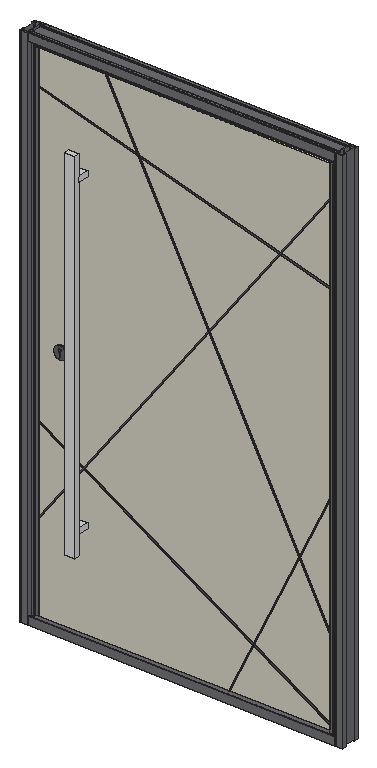
Revit family "YC1321P C2 CHAM RH", category Doors, host Wall, Revit 2024
Family settings
  Host = Wall
  OmniClass Number = 23.30.10.00
  OmniClass Title = Doors
  Always vertical = Yes
  Cut with Voids When Loaded = No
  Shared = No
  Room Calculation Point = No
Parameters
  Function = Interior
  Frame Projection Ext. = 25 mm
  Frame Projection Int. = 25 mm
  Frame Width = 75 mm
  Height = 2120 mm
  Wall Closure = By host
  Width = 1290 mm
  Analytic Construction = "<None>"
Reference planes
  plane 1: y = 0
  plane 2 "Center (Left/Right)": x = 0
  plane 3 "Left": x = -645
  plane 4 "Right": x = 645
  plane 5: z = 2120
  plane 6 "Exterior": y = 75
  plane 7 "Interior": y = -75
  plane 8: z = 33.5
Forms (mm)
  Sweep 1, solid, material "ALUMINIUM CHAR (TEST)"
    path origin (0, 75, 0) x (1, 0, 0) y (0, 0, 1)
      loop
        line (-601.2, 30) -> (-601.2, 2075) -> (600, 2075) -> (600, 30)
    profile origin (-0.6, 75, 2075) x (0, 0, 1) y (0, -1, 0)
      loop
        line (15, 55) -> (2.8, 55) -> (2.8, 61.5) -> (0.5, 61.5) -> (0.5, 88.5) -> (2.8, 88.5) -> (2.8, 95) -> (15, 95) -> (15, 97) -> (-0.5, 97)
        arc (-0.5, 97) -> (-1.207, 96.707) -> (-1.5, 96) r 1
        line (-1.5, 96) -> (-1.5, 93.9) -> (-0.5, 93.9) -> (-0.5, 95) -> (1, 95) -> (1, 90.5) -> (-0.5, 90.5) -> (-0.5, 91.631) -> (-1.5, 91.631) -> (-1.5, 58.369) -> (-0.5, 58.369) -> (-0.5, 59.5) -> (1, 59.5) -> (1, 55) -> (-0.5, 55) -> (-0.5, 56.1) -> (-1.5, 56.1) -> (-1.5, 54)
        arc (-1.5, 54) -> (-1.207, 53.293) -> (-0.5, 53) r 1
        line (-0.5, 53) -> (15, 53) -> (15, 55)
  Extrusion 2, solid, material "ALUMINIUM CHAR (TEST)"
    sketch origin (0, 0, 0) x (0, 1, 0) y (0, 0, 1)
      loop
        line (37.5, 2120) -> (22, 2120) -> (22, 2118.5) -> (24.5, 2118.5) -> (24.5, 2115.5) -> (-24.5, 2115.5) -> (-24.5, 2118.5) -> (-22, 2118.5) -> (-22, 2120) -> (-37.5, 2120) -> (-37.5, 2090) -> (-4.189, 2090) -> (7.651, 2090) -> (37.5, 2090) -> (37.5, 2120)
      loop
        line (32.168, 2118.2) -> (30.896, 2116.928) -> (29.5, 2118.324) -> (28, 2116.824) -> (26.3, 2118.524) -> (26.3, 2115.8)
        arc (26.3, 2115.8) -> (25.685, 2114.315) -> (24.2, 2113.7) r 2.1
        line (24.2, 2113.7) -> (-24.2, 2113.7)
        arc (-24.2, 2113.7) -> (-25.685, 2114.315) -> (-26.3, 2115.8) r 2.1
        line (-26.3, 2115.8) -> (-26.3, 2118.524) -> (-28, 2116.824) -> (-29.5, 2118.324) -> (-30.896, 2116.928) -> (-32.168, 2118.2) -> (-35.6, 2118.2) -> (-35.6, 2091.8) -> (-32.168, 2091.8) -> (-30.896, 2093.072) -> (-29.5, 2091.676) -> (-28, 2093.176) -> (-26.624, 2091.8) -> (-19.438, 2091.8) -> (26.624, 2091.8) -> (28, 2093.176) -> (29.5, 2091.676) -> (30.896, 2093.072) -> (32.168, 2091.8) -> (35.6, 2091.8) -> (35.6, 2118.2) -> (32.168, 2118.2)
      loop
        line (37.5, 0) -> (37.5, 30) -> (7.651, 30) -> (-4.189, 30) -> (-37.5, 30) -> (-37.5, 0) -> (-22, 0) -> (-22, 1.5) -> (-24.5, 1.5) -> (-24.5, 4.5) -> (24.5, 4.5) -> (24.5, 1.5) -> (22, 1.5) -> (22, 0) -> (37.5, 0)
      loop
        line (32.168, 1.8) -> (35.6, 1.8) -> (35.6, 28.2) -> (32.168, 28.2) -> (30.896, 26.928) -> (29.5, 28.324) -> (28, 26.824) -> (26.624, 28.2) -> (-19.438, 28.2) -> (-26.624, 28.2) -> (-28, 26.824) -> (-29.5, 28.324) -> (-30.896, 26.928) -> (-32.168, 28.2) -> (-35.6, 28.2) -> (-35.6, 1.8) -> (-32.168, 1.8) -> (-30.896, 3.072) -> (-29.5, 1.676) -> (-28, 3.176) -> (-26.3, 1.476) -> (-26.3, 4.2)
        arc (-26.3, 4.2) -> (-25.685, 5.685) -> (-24.2, 6.3) r 2.1
        line (-24.2, 6.3) -> (24.2, 6.3)
        arc (24.2, 6.3) -> (25.685, 5.685) -> (26.3, 4.2) r 2.1
        line (26.3, 4.2) -> (26.3, 1.476) -> (28, 3.176) -> (29.5, 1.676) -> (30.896, 3.072) -> (32.168, 1.8)
    from -615 to 615
  Extrusion 3, solid, material "ALUMINIUM CHAR (TEST)"
    sketch origin (0, 0, 30) x (1, 0, 0) y (0, 1, 0)
      loop
        arc (598.5, 21) -> (597.5, 22) -> (596.5, 21) r 1
        line (596.5, 21) -> (596.5, -21.179)
        arc (596.5, -21.179) -> (596.26, -21.76) -> (595.679, -22) r 0.821
        line (595.679, -22) -> (584.5, -22)
        arc (584.5, -22) -> (583.5, -23) -> (584.5, -24) r 1
        line (584.5, -24) -> (597.679, -24)
        arc (597.679, -24) -> (598.26, -23.76) -> (598.5, -23.179) r 0.821
        line (598.5, -23.179) -> (598.5, 21)
      loop
        arc (-599.7, -21) -> (-598.7, -22) -> (-597.7, -21) r 1
        line (-597.7, -21) -> (-597.7, 21.179)
        arc (-597.7, 21.179) -> (-597.459, 21.76) -> (-596.879, 22) r 0.821
        line (-596.879, 22) -> (-585.7, 22)
        arc (-585.7, 22) -> (-584.7, 23) -> (-585.7, 24) r 1
        line (-585.7, 24) -> (-598.879, 24)
        arc (-598.879, 24) -> (-599.459, 23.76) -> (-599.7, 23.179) r 0.821
        line (-599.7, 23.179) -> (-599.7, -21)
    from 0 to 2043.5
  Extrusion 4, solid, material "ALUMINIUM CHAR (TEST)"
    sketch origin (-25, 22, 130) x (1, 0, 0) y (0, 0, 1)
      loop
        line (620, 1939) -> (608, 1939) -> (608, -94) -> (620, -94) -> (620, 1939)
      loop
        line (-570, 1939) -> (-570, -94) -> (-558, -94) -> (-558, 1939) -> (-570, 1939)
    from 0 to 44
  Extrusion 5, solid, material "ALUMINIUM (CHAMPAGNE TEST)"
    sketch origin (-25, 22, 130) x (1, 0, 0) y (0, 0, 1)
      loop
        line (608, 1939) -> (-558, 1939) -> (-558, -94) -> (608, -94) -> (608, 1939)
    from 0 to 4
  Extrusion 6, solid, material "ALUMINIUM BLACK (TEST)"
    sketch origin (-25, 22.873, 130) x (1, 0, 0) y (0, 0, 1)
      loop
        line (608, 250.74) -> (608, 259.26) -> (-285.134, 1939) -> (-289.664, 1939) -> (608, 250.74)
    from 0 to 0.873
  Extrusion 7, solid, material "ALUMINIUM BLACK (TEST)"
    sketch origin (1203.467, 22.873, 1667.12) x (-0.422618, 0, 0.906308) y (-0.906308, 0, -0.422618)
      loop
        line (501.698, 450.664) -> (507.722, 447.855) -> (-401.866, 2158.542) -> (-407.89, 2161.351) -> (501.698, 450.664)
    from 0 to 0.873
  Extrusion 8, solid, material "ALUMINIUM BLACK (TEST)"
    sketch origin (557.966, 22.873, -684.637) x (0.848048, 0, 0.529919) y (-0.529919, 0, 0.848048)
      loop
        line (414.087, 615.437) -> (416.535, 619.354) -> (-215.553, 1808.137) -> (-218, 1804.221) -> (414.087, 615.437)
    from 0 to 0.873
  Extrusion 9, solid, material "ALUMINIUM BLACK (TEST)"
    sketch origin (-648.998, 22.873, -166.515) x (0.587785, 0, -0.809017) y (0.809017, 0, 0.587785)
      loop
        line (322.274, 788.112) -> (324.89, 791.712) -> (-104.049, 1598.429) -> (-111.431, 1603.792) -> (322.274, 788.112)
    from 0 to 0.873
  Extrusion 10, solid, material "ALUMINIUM (CHAMPAGNE TEST)"
    sketch origin (-25, -22, 130) x (1, 0, 0) y (0, 0, -1)
      loop
        line (608, -1939) -> (608, 94) -> (-558, 94) -> (-558, -1939) -> (608, -1939)
    from 0 to 4
  Extrusion 11, solid, material "ALUMINIUM BLACK (TEST)"
    sketch origin (-25, -22.873, 130) x (1, 0, 0) y (0, 0, -1)
      loop
        line (608, -250.74) -> (-289.664, -1939) -> (-285.134, -1939) -> (608, -259.26) -> (608, -250.74)
    from 0 to 0.873
  Extrusion 12, solid, material "ALUMINIUM BLACK (TEST)"
    sketch origin (1203.467, -22.873, 1667.12) x (-0.422618, 0, 0.906308) y (0.906308, 0, 0.422618)
      loop
        line (501.698, -450.664) -> (-407.89, -2161.351) -> (-401.866, -2158.542) -> (507.722, -447.855) -> (501.698, -450.664)
    from 0 to 0.873
  Extrusion 13, solid, material "ALUMINIUM BLACK (TEST)"
    sketch origin (557.966, -22.873, -684.637) x (0.848048, 0, 0.529919) y (0.529919, 0, -0.848048)
      loop
        line (414.087, -615.437) -> (-218, -1804.221) -> (-215.553, -1808.137) -> (416.535, -619.354) -> (414.087, -615.437)
    from 0 to 0.873
  Extrusion 14, solid, material "ALUMINIUM BLACK (TEST)"
    sketch origin (-648.998, -22.873, -166.515) x (0.587785, 0, -0.809017) y (-0.809017, 0, -0.587785)
      loop
        line (322.274, -788.112) -> (-111.431, -1603.792) -> (-104.049, -1598.429) -> (324.89, -791.712) -> (322.274, -788.112)
    from 0 to 0.873
  Extrusion 15, solid, material "ALUMINIUM BLACK (TEST)"
    sketch origin (885.466, 22.873, 859.37) x (0.681998, 0, 0.731354) y (-0.731354, 0, 0.681998)
      loop
        line (348.584, 738.63) -> (351.613, 741.454) -> (-215.101, 1807.289) -> (-218.13, 1804.465) -> (348.584, 738.63)
    from 0 to 0.873
  Extrusion 16, solid, material "ALUMINIUM BLACK (TEST)"
    sketch origin (405.722, 27.873, -123.123) x (1, 0, 0) y (0, 0, 1)
      loop
        circle (-896.954, 1135.623) r 25
    from 0 to 5
  Extrusion 17, solid, material "ALUMINIUM BLACK (TEST)"
    sketch origin (405.722, -27.873, -123.123) x (1, 0, 0) y (0, 0, -1)
      loop
        circle (-896.954, -1135.623) r 25
    from 0 to 5
  Extrusion 18, solid, material "Stainless Steel Lever Handle"
    sketch origin (-1264.348, 72.873, -21.123) x (-1, 0, 0) y (0, 0, -1)
      loop
        line (-878.538, -1720) -> (-838.538, -1720) -> (-838.538, -1700) -> (-878.538, -1700) -> (-878.538, -1720)
      loop
        line (-878.538, -440) -> (-878.538, -460) -> (-838.538, -460) -> (-838.538, -440) -> (-878.538, -440)
    from 5 to 50
  Extrusion 19, solid, material "Stainless Steel Lever Handle"
    sketch origin (14.789, 87.873, 223.877) x (1, 0, 0) y (0, 0, 1)
      loop
        line (-400.6, 115) -> (-400.6, 1555) -> (-440.6, 1555) -> (-440.6, 115) -> (-400.6, 115)
    from 0 to 20
  Extrusion 20, solid, material "Stainless Steel Lever Handle"
    sketch origin (-1264.348, -72.873, -21.123) x (-1, 0, 0) y (0, 0, 1)
      loop
        line (-878.538, 1720) -> (-878.538, 1700) -> (-838.538, 1700) -> (-838.538, 1720) -> (-878.538, 1720)
      loop
        line (-878.538, 440) -> (-838.538, 440) -> (-838.538, 460) -> (-878.538, 460) -> (-878.538, 440)
    from 5 to 50
  Extrusion 21, solid, material "Stainless Steel Lever Handle"
    sketch origin (14.789, -87.873, 223.877) x (1, 0, 0) y (0, 0, -1)
      loop
        line (-400.6, -115) -> (-440.6, -115) -> (-440.6, -1555) -> (-400.6, -1555) -> (-400.6, -115)
    from 0 to 20
  Extrusion 22, void
    sketch origin (140.5, 67.873, -123.123) x (1, 0, 0) y (0, 0, 1)
      loop
        arc (-634.732, 1122.18) -> (-631.732, 1119.18) -> (-628.732, 1122.18) r 3
        line (-628.732, 1122.18) -> (-628.732, 1136.773)
        arc (-628.732, 1136.773) -> (-631.732, 1150.865) -> (-634.732, 1136.773) r 7.365
        line (-634.732, 1136.773) -> (-634.732, 1122.18)
    from 40 to 45
  Extrusion 23, solid, material "ALUMINIUM BLACK (TEST)"
    sketch origin (885.466, -22.873, 859.37) x (0.681998, 0, 0.731354) y (0.731354, 0, -0.681998)
      loop
        line (348.584, -738.63) -> (-218.13, -1804.465) -> (-215.101, -1807.289) -> (351.613, -741.454) -> (348.584, -738.63)
    from 0 to 0.873
  Extrusion 24, void
    sketch origin (140.5, -67.873, -123.123) x (1, 0, 0) y (0, 0, -1)
      loop
        line (-634.732, -1122.18) -> (-634.732, -1136.773)
        arc (-634.732, -1136.773) -> (-631.732, -1150.865) -> (-628.732, -1136.773) r 7.365
        line (-628.732, -1136.773) -> (-628.732, -1122.18)
        arc (-628.732, -1122.18) -> (-631.732, -1119.18) -> (-634.732, -1122.18) r 3
    from 40 to 45
  Extrusion 25, solid, material "ALUMINIUM CHAR (TEST)"
    sketch origin (0, 0, 0) x (1, 0, 0) y (0, 1, 0)
      loop
        line (-645, 37.5) -> (-645, 22) -> (-643.5, 22) -> (-643.5, 24.5) -> (-640.5, 24.5) -> (-640.5, -24.5) -> (-643.5, -24.5) -> (-643.5, -22) -> (-645, -22) -> (-645, -37.5) -> (-615, -37.5) -> (-615, -17) -> (-615.993, -17) -> (-616.394, -18.496) -> (-617.6, -18.496) -> (-617.6, -0.254) -> (-616.306, -0.254) -> (-616.066, -3) -> (-615, -3) -> (-615, 37.5) -> (-645, 37.5)
      loop
        line (-616.8, 26.624) -> (-618.176, 28) -> (-616.676, 29.5) -> (-618.072, 30.896) -> (-616.8, 32.168) -> (-616.8, 35.6) -> (-643.2, 35.6) -> (-643.2, 32.168) -> (-641.928, 30.896) -> (-643.324, 29.5) -> (-641.824, 28) -> (-643.524, 26.3) -> (-640.8, 26.3)
        arc (-640.8, 26.3) -> (-639.315, 25.685) -> (-638.7, 24.2) r 2.1
        line (-638.7, 24.2) -> (-638.7, -24.2)
        arc (-638.7, -24.2) -> (-639.315, -25.685) -> (-640.8, -26.3) r 2.1
        line (-640.8, -26.3) -> (-643.524, -26.3) -> (-641.824, -28) -> (-643.324, -29.5) -> (-641.928, -30.896) -> (-643.2, -32.168) -> (-643.2, -35.6) -> (-616.8, -35.6) -> (-616.8, -32.168) -> (-618.072, -30.896) -> (-616.676, -29.5) -> (-618.176, -28) -> (-616.8, -26.624) -> (-616.8, -20.239)
        arc (-616.8, -20.239) -> (-618.596, -19.852) -> (-619.4, -18.2) r 2.1
        line (-619.4, -18.2) -> (-619.4, -0.55)
        arc (-619.4, -0.55) -> (-618.596, 1.102) -> (-616.8, 1.49) r 2.1
        line (-616.8, 1.49) -> (-616.8, 26.624)
      loop
        line (645, 37.5) -> (615, 37.5) -> (615, -3) -> (616.066, -3) -> (616.306, -0.254) -> (617.6, -0.254) -> (617.6, -18.496) -> (616.394, -18.496) -> (615.993, -17) -> (615, -17) -> (615, -37.5) -> (645, -37.5) -> (645, -22) -> (643.5, -22) -> (643.5, -24.5) -> (640.5, -24.5) -> (640.5, 24.5) -> (643.5, 24.5) -> (643.5, 22) -> (645, 22) -> (645, 37.5)
      loop
        line (616.8, 26.624) -> (616.8, 1.49)
        arc (616.8, 1.49) -> (618.596, 1.102) -> (619.4, -0.55) r 2.1
        line (619.4, -0.55) -> (619.4, -18.2)
        arc (619.4, -18.2) -> (618.596, -19.852) -> (616.8, -20.239) r 2.1
        line (616.8, -20.239) -> (616.8, -26.624) -> (618.176, -28) -> (616.676, -29.5) -> (618.072, -30.896) -> (616.8, -32.168) -> (616.8, -35.6) -> (643.2, -35.6) -> (643.2, -32.168) -> (641.928, -30.896) -> (643.324, -29.5) -> (641.824, -28) -> (643.524, -26.3) -> (640.8, -26.3)
        arc (640.8, -26.3) -> (639.315, -25.685) -> (638.7, -24.2) r 2.1
        line (638.7, -24.2) -> (638.7, 24.2)
        arc (638.7, 24.2) -> (639.315, 25.685) -> (640.8, 26.3) r 2.1
        line (640.8, 26.3) -> (643.524, 26.3) -> (641.824, 28) -> (643.324, 29.5) -> (641.928, 30.896) -> (643.2, 32.168) -> (643.2, 35.6) -> (616.8, 35.6) -> (616.8, 32.168) -> (618.072, 30.896) -> (616.676, 29.5) -> (618.176, 28) -> (616.8, 26.624)
    from 0 to 2120
Cuts and joins
  Extrusion 22 cuts Extrusion 16
  Extrusion 24 cuts Extrusion 17
Lines and regions (mm)
  Opening 1
    outline origin (-5000, -75, 0) x (1, 0, 0) y (0, 0, 1)
      loop
        line (4355, 0) -> (5645, 0) -> (5645, 2120) -> (4355, 2120) -> (4355, 0)
  model lines
    curve 1: line (-602.851, 22.5, 0) -> (602.851, 22.5, 0)
    curve 2: line (-603, -13, 0) -> (603, -13, 0)
    curve 8: line (300, -22.5, 0) -> (300, -925.5, 0)
    curve 9: arc (-603, -22.5, 0) -> (-338.517, -661.017, 0) -> (300, -925.5, 0) r 903
    curve 10: line (300, 13, 0) -> (300, 316, 0)
    curve 11: arc (300, 316, 0) -> (514.253, 227.253, 0) -> (603, 13, 0) r 303
  symbolic lines, style "Elevation Swing"
    curve 3: line (-645, -75, 1060) -> (300, -75, 2078)
    curve 4: line (-645, -75, 1060) -> (300, -75, 0)
    curve 5: line (603, -75, 1045) -> (300, -75, 2078)
    curve 6: line (603, -75, 1045) -> (300, -75, 0)
  model lines, style "Elevation Swing"
    curve 7: line (300, 0, 0) -> (300, 0, 2078)
Text (mm)
  text "Exterior" at (-2295.016, 1099.543, 0), in view "Ref. Level"
  text "Exterior" at (0, 1615.38, 3698.081), in view "Left"
  text "Exterior" at (0, 1036.032, 3874.932), in view "Right"
Dimensions and locks
  equal spacing: plane 3 "Left", plane 2 "Center (Left/Right)", plane 4 "Right"
  "Width": plane 3 "Left" to plane 4 "Right"
  "Height": plane 5 to host wall
  host wall to plane 5 = 2120 mm  (x2)
  locked: plane 6 "Exterior" to host wall
  locked: plane 7 "Interior" to host wall
  plane 3 "Left" to plane 4 "Right" = 1290 mm  (x2)
  aligned and locked: plane 1 to host wall
  aligned and locked: Opening 1 sketch curve to level
Automatic sketch dimensions
  curve 7 to level = 0 mm
  plane 5 to curve 7 = 42 mm
  plane 2 "Center (Left/Right)" to curve 7 = 300 mm
  plane 3 "Left" to curve 4 = 0 mm
  curve 4 to level = 0 mm
  plane 2 "Center (Left/Right)" to curve 4 = 300 mm
  plane 5 to curve 5 = 42 mm
  plane 2 "Center (Left/Right)" to curve 5 = 300 mm
  plane 4 "Right" to curve 6 = 42 mm
  plane 8 to curve 5 = 1011.5 mm
  plane 8 to curve 4 = 1026.5 mm
  plane 2 "Center (Left/Right)" to curve 8 = 300 mm
  curve 11 to host wall = 13 mm
  curve 11 to curve 8 = 0 mm
  host wall to curve 9 = 22.5 mm
  host wall to curve 8 = 850.5 mm
  host wall to curve 10 = 241 mm
  curve 1 to plane 3 "Left" = 42.149 mm
  curve 2 to curve 9 = 0 mm
  curve 1 to curve 11 = 0.149 mm
  curve 2 to curve 11 = 0 mm
  host wall to curve 2 = 13 mm
  curve 8 to curve 9 = 0 mm
  curve 10 to curve 11 = 0 mm
  plane 3 "Left" to Opening 1 sketch curve = 0 mm
  plane 4 "Right" to Opening 1 sketch curve = 0 mm
  Opening 1 sketch curve to plane 5 = 0 mm
  Sweep 1 sketch curve to plane 3 "Left" = 43.8 mm
  plane 4 "Right" to Sweep 1 sketch curve = 45 mm
  plane 5 to Sweep 1 sketch curve = 45 mm
  Sweep 1 sketch curve to plane 8 = 3.5 mm  (x2)
  profile plane to Sweep 1 sketch curve = 1.5 mm  (x3)
  profile plane to Sweep 1 sketch curve = 0.5 mm  (x6)
  Sweep 1 sketch curve to profile plane = 0.5 mm
  Sweep 1 sketch curve to profile plane = 1 mm  (x2)
  Sweep 1 sketch curve to Sweep 1 sketch curve = 1.8 mm
  Sweep 1 sketch curve to Sweep 1 sketch curve = 2.3 mm
  Sweep 1 sketch curve to Sweep 1 sketch curve = 12.2 mm  (x2)
  profile plane to Sweep 1 sketch curve = 53 mm
  Sweep 1 sketch curve to Sweep 1 sketch curve = 1 mm  (x3)
  Sweep 1 sketch curve to Sweep 1 sketch curve = 1.1 mm  (x2)
  Sweep 1 sketch curve to Sweep 1 sketch curve = 2.269 mm  (x2)
  Sweep 1 sketch curve to Sweep 1 sketch curve = 1.131 mm  (x2)
  Sweep 1 sketch curve to Sweep 1 sketch curve = 2 mm  (x2)
  Sweep 1 sketch curve to Sweep 1 sketch curve = 27 mm
  Sweep 1 sketch curve to Sweep 1 sketch curve = 6.5 mm
  Extrusion 2 sketch curve to level = 0 mm  (x2)
  plane 5 to Extrusion 2 sketch curve = 0 mm  (x2)
  host wall to Extrusion 2 sketch curve = 37.5 mm  (x2)
  Extrusion 2 sketch curve to plane 8 = 3.5 mm
  Extrusion 2 sketch curve to Extrusion 2 sketch curve = 1.9 mm  (x4)
  Extrusion 2 sketch curve to Extrusion 2 sketch curve = 3.432 mm  (x6)
  Extrusion 2 sketch curve to plane 8 = 5.3 mm  (x2)
  plane 5 to Extrusion 2 sketch curve = 3.072 mm  (x2)
  Extrusion 2 sketch curve to Extrusion 2 sketch curve = 1.272 mm  (x11)
  Extrusion 2 sketch curve to plane 8 = 6.572 mm  (x2)
  level to Extrusion 2 sketch curve = 3.072 mm  (x2)
  Extrusion 2 sketch curve to Extrusion 2 sketch curve = 1.396 mm  (x7)
  Extrusion 2 sketch curve to plane 8 = 5.176 mm  (x2)
  plane 5 to Extrusion 2 sketch curve = 1.676 mm  (x2)
  level to Extrusion 2 sketch curve = 1.676 mm  (x2)
  plane 5 to Extrusion 2 sketch curve = 3.176 mm  (x2)
  Extrusion 2 sketch curve to Extrusion 2 sketch curve = 1.5 mm  (x4)
  level to Extrusion 2 sketch curve = 3.176 mm  (x2)
  Extrusion 2 sketch curve to plane 8 = 6.676 mm  (x2)
  Extrusion 2 sketch curve to Extrusion 2 sketch curve = 1.376 mm  (x4)
  Extrusion 2 sketch curve to Extrusion 2 sketch curve = 1.7 mm  (x4)
  Extrusion 2 sketch curve to Extrusion 2 sketch curve = 1.8 mm  (x4)
  Extrusion 2 sketch curve to Extrusion 2 sketch curve = 0.3 mm  (x6)
  Extrusion 2 sketch curve to Extrusion 2 sketch curve = 2.5 mm  (x2)
  Extrusion 2 sketch curve to Extrusion 2 sketch curve = 7.186 mm  (x2)
  host wall to Extrusion 2 sketch curve = 4.189 mm  (x2)
  Extrusion 2 sketch curve to host wall = 7.651 mm  (x2)
  level to Extrusion 2 sketch curve = 1.5 mm  (x2)
  Extrusion 2 sketch curve to host wall = 22 mm  (x2)
  Extrusion 2 sketch curve to Extrusion 2 sketch curve = 2.2 mm  (x2)
  plane 5 to Extrusion 2 sketch curve = 1.476 mm
  level to Extrusion 2 sketch curve = 1.476 mm
  Extrusion 2 sketch curve to Extrusion 2 sketch curve = 18.973 mm  (x2)
  Extrusion 2 sketch curve to Extrusion 2 sketch curve = 1.024 mm
  Extrusion 2 sketch curve to Extrusion 2 sketch curve = 26.928 mm
  Extrusion 2 sketch curve to Extrusion 2 sketch curve = 1.676 mm  (x2)
  Extrusion 2 sketch curve to Extrusion 2 sketch curve = 0.124 mm  (x2)
  Extrusion 2 sketch curve to Extrusion 2 sketch curve = 3.124 mm
  plane 5 to Extrusion 2 sketch curve = 1.5 mm  (x2)
  Extrusion 3 sketch curve to plane 3 "Left" = 45.3 mm
  Extrusion 3 sketch curve to Extrusion 3 sketch curve = 0.821 mm  (x4)
  Extrusion 3 sketch curve to Extrusion 3 sketch curve = 1 mm  (x4)
  Extrusion 3 sketch curve to Extrusion 3 sketch curve = 11.179 mm  (x2)
  host wall to Extrusion 3 sketch curve = 24 mm
  plane 4 "Right" to Extrusion 3 sketch curve = 60.5 mm
  host wall to Extrusion 3 sketch curve = 21 mm
  Extrusion 3 sketch curve to host wall = 21 mm
  Extrusion 3 sketch curve to host wall = 21.179 mm
  Extrusion 4 sketch curve to plane 3 "Left" = 50 mm
  plane 8 to Extrusion 4 sketch curve = 2.5 mm  (x2)
  Extrusion 4 sketch curve to Extrusion 4 sketch curve = 12 mm  (x2)
  plane 4 "Right" to Extrusion 4 sketch curve = 62 mm
  plane 5 to Extrusion 4 sketch curve = 51 mm  (x2)
  Extrusion 5 sketch curve to plane 3 "Left" = 62 mm
  plane 8 to Extrusion 5 sketch curve = 2.5 mm
  plane 4 "Right" to Extrusion 5 sketch curve = 62 mm
  plane 5 to Extrusion 5 sketch curve = 51 mm
  plane 5 to Extrusion 6 sketch curve = 51 mm
  Extrusion 6 sketch curve to plane 2 "Center (Left/Right)" = 314.664 mm
  Extrusion 6 sketch curve to Extrusion 6 sketch curve = 4.53 mm
  plane 4 "Right" to Extrusion 6 sketch curve = 62 mm
  plane 8 to Extrusion 6 sketch curve = 355.76 mm
  Extrusion 6 sketch curve to Extrusion 6 sketch curve = 8.52 mm
  Extrusion 7 sketch curve to plane 3 "Left" = 62 mm
  plane 8 to Extrusion 7 sketch curve = 350.52 mm
  Extrusion 7 sketch curve to Extrusion 7 sketch curve = 6.024 mm  (x2)
  Extrusion 7 sketch curve to Extrusion 7 sketch curve = 903.564 mm
  Extrusion 7 sketch curve to Extrusion 7 sketch curve = 2.809 mm  (x2)
  Extrusion 7 sketch curve to Extrusion 7 sketch curve = 1707.878 mm
  Extrusion 8 sketch curve to plane 3 "Left" = 62 mm
  plane 8 to Extrusion 8 sketch curve = 696.406 mm
  Extrusion 8 sketch curve to Extrusion 8 sketch curve = 2.448 mm  (x2)
  Extrusion 8 sketch curve to Extrusion 8 sketch curve = 632.088 mm
  Extrusion 8 sketch curve to Extrusion 8 sketch curve = 1184.867 mm
  Extrusion 8 sketch curve to Extrusion 8 sketch curve = 3.917 mm  (x2)
  plane 4 "Right" to Extrusion 9 sketch curve = 62 mm
  plane 8 to Extrusion 9 sketch curve = 832.82 mm
  Extrusion 9 sketch curve to Extrusion 9 sketch curve = 7.382 mm
  Extrusion 9 sketch curve to Extrusion 9 sketch curve = 426.323 mm
  Extrusion 9 sketch curve to Extrusion 9 sketch curve = 2.616 mm
  Extrusion 9 sketch curve to Extrusion 9 sketch curve = 5.363 mm
  Extrusion 9 sketch curve to Extrusion 9 sketch curve = 806.717 mm
  Extrusion 9 sketch curve to Extrusion 9 sketch curve = 3.6 mm
  Extrusion 10 sketch curve to plane 3 "Left" = 62 mm
  plane 8 to Extrusion 10 sketch curve = 2.5 mm
  plane 4 "Right" to Extrusion 10 sketch curve = 62 mm
  plane 5 to Extrusion 10 sketch curve = 51 mm
  plane 5 to Extrusion 11 sketch curve = 51 mm
  Extrusion 11 sketch curve to plane 2 "Center (Left/Right)" = 314.664 mm
  Extrusion 11 sketch curve to Extrusion 11 sketch curve = 4.53 mm
  plane 4 "Right" to Extrusion 11 sketch curve = 62 mm
  plane 8 to Extrusion 11 sketch curve = 355.76 mm
  Extrusion 11 sketch curve to Extrusion 11 sketch curve = 8.52 mm
  Extrusion 12 sketch curve to plane 3 "Left" = 62 mm
  plane 8 to Extrusion 12 sketch curve = 350.52 mm
  Extrusion 12 sketch curve to Extrusion 12 sketch curve = 6.024 mm  (x2)
  Extrusion 12 sketch curve to Extrusion 12 sketch curve = 903.564 mm
  Extrusion 12 sketch curve to Extrusion 12 sketch curve = 2.809 mm  (x2)
  Extrusion 12 sketch curve to Extrusion 12 sketch curve = 1707.878 mm
  Extrusion 13 sketch curve to plane 3 "Left" = 62 mm
  plane 8 to Extrusion 13 sketch curve = 696.406 mm
  Extrusion 13 sketch curve to Extrusion 13 sketch curve = 2.448 mm  (x2)
  Extrusion 13 sketch curve to Extrusion 13 sketch curve = 632.088 mm
  Extrusion 13 sketch curve to Extrusion 13 sketch curve = 3.917 mm  (x2)
  Extrusion 13 sketch curve to Extrusion 13 sketch curve = 1184.867 mm
  plane 4 "Right" to Extrusion 14 sketch curve = 62 mm
  plane 8 to Extrusion 14 sketch curve = 832.82 mm
  Extrusion 14 sketch curve to Extrusion 14 sketch curve = 7.382 mm
  Extrusion 14 sketch curve to Extrusion 14 sketch curve = 426.323 mm
  Extrusion 14 sketch curve to Extrusion 14 sketch curve = 2.616 mm
  Extrusion 14 sketch curve to Extrusion 14 sketch curve = 5.363 mm
  Extrusion 14 sketch curve to Extrusion 14 sketch curve = 806.717 mm
  Extrusion 14 sketch curve to Extrusion 14 sketch curve = 3.6 mm
  Extrusion 15 sketch curve to plane 3 "Left" = 62 mm
  plane 5 to Extrusion 15 sketch curve = 189.518 mm
  Extrusion 15 sketch curve to Extrusion 15 sketch curve = 3.029 mm  (x2)
  Extrusion 15 sketch curve to Extrusion 15 sketch curve = 566.714 mm
  Extrusion 15 sketch curve to Extrusion 15 sketch curve = 1063.01 mm
  Extrusion 15 sketch curve to Extrusion 15 sketch curve = 2.824 mm  (x2)
  Extrusion 16 sketch curve to plane 3 "Left" = 153.768 mm
  plane 8 to Extrusion 16 sketch curve = 979 mm
  Extrusion 17 sketch curve to plane 3 "Left" = 153.768 mm
  plane 8 to Extrusion 17 sketch curve = 979 mm
  Extrusion 18 sketch curve to plane 3 "Left" = 259.19 mm  (x2)
  Extrusion 18 sketch curve to Extrusion 18 sketch curve = 40 mm  (x2)
  plane 5 to Extrusion 18 sketch curve = 421.123 mm
  Extrusion 18 sketch curve to Extrusion 18 sketch curve = 20 mm  (x2)
  plane 8 to Extrusion 18 sketch curve = 405.377 mm
  Extrusion 19 sketch curve to plane 3 "Left" = 219.19 mm
  Extrusion 19 sketch curve to Extrusion 19 sketch curve = 40 mm
  plane 8 to Extrusion 19 sketch curve = 305.377 mm
  plane 5 to Extrusion 19 sketch curve = 341.123 mm
  Extrusion 20 sketch curve to plane 3 "Left" = 259.19 mm  (x2)
  Extrusion 20 sketch curve to Extrusion 20 sketch curve = 40 mm  (x2)
  plane 8 to Extrusion 20 sketch curve = 385.377 mm
  Extrusion 20 sketch curve to Extrusion 20 sketch curve = 20 mm  (x2)
  plane 5 to Extrusion 20 sketch curve = 441.123 mm
  Extrusion 21 sketch curve to plane 3 "Left" = 219.19 mm
  Extrusion 21 sketch curve to Extrusion 21 sketch curve = 40 mm
  plane 5 to Extrusion 21 sketch curve = 341.123 mm
  plane 8 to Extrusion 21 sketch curve = 305.377 mm
  Extrusion 22 sketch curve to plane 3 "Left" = 150.768 mm
  Extrusion 22 sketch curve to Extrusion 22 sketch curve = 3 mm  (x2)
  plane 8 to Extrusion 22 sketch curve = 965.558 mm
  Extrusion 22 sketch curve to Extrusion 22 sketch curve = 14.593 mm
  Extrusion 22 sketch curve to Extrusion 22 sketch curve = 6.726 mm
  Extrusion 23 sketch curve to plane 3 "Left" = 62 mm
  plane 5 to Extrusion 23 sketch curve = 189.518 mm
  Extrusion 23 sketch curve to Extrusion 23 sketch curve = 3.029 mm  (x2)
  Extrusion 23 sketch curve to Extrusion 23 sketch curve = 566.714 mm
  Extrusion 23 sketch curve to Extrusion 23 sketch curve = 2.824 mm  (x2)
  Extrusion 23 sketch curve to Extrusion 23 sketch curve = 1063.01 mm
  Extrusion 24 sketch curve to plane 3 "Left" = 150.768 mm
  Extrusion 24 sketch curve to Extrusion 24 sketch curve = 3 mm  (x2)
  plane 8 to Extrusion 24 sketch curve = 986.877 mm
  Extrusion 24 sketch curve to Extrusion 24 sketch curve = 6.726 mm
  Extrusion 24 sketch curve to Extrusion 24 sketch curve = 14.593 mm
  Extrusion 25 sketch curve to plane 3 "Left" = 0 mm  (x2)
  Extrusion 25 sketch curve to plane 4 "Right" = 0 mm  (x2)
  Extrusion 25 sketch curve to plane 3 "Left" = 1.476 mm  (x2)
  Extrusion 25 sketch curve to plane 3 "Left" = 1.5 mm  (x2)
  Extrusion 25 sketch curve to plane 3 "Left" = 1.676 mm  (x2)
  Extrusion 25 sketch curve to plane 3 "Left" = 1.8 mm  (x2)
  Extrusion 25 sketch curve to Extrusion 25 sketch curve = 1.272 mm  (x12)
  Extrusion 25 sketch curve to Extrusion 25 sketch curve = 1.5 mm  (x4)
  Extrusion 25 sketch curve to Extrusion 25 sketch curve = 1.024 mm  (x4)
  Extrusion 25 sketch curve to Extrusion 25 sketch curve = 0.3 mm  (x8)
  Extrusion 25 sketch curve to Extrusion 25 sketch curve = 1.8 mm  (x8)
  host wall to Extrusion 25 sketch curve = 0.55 mm  (x2)
  Extrusion 25 sketch curve to plane 3 "Left" = 25.6 mm
  Extrusion 25 sketch curve to Extrusion 25 sketch curve = 20.524 mm
  Extrusion 25 sketch curve to Extrusion 25 sketch curve = 1.224 mm
  Extrusion 25 sketch curve to Extrusion 25 sketch curve = 0.104 mm  (x4)
  Extrusion 25 sketch curve to Extrusion 25 sketch curve = 1.376 mm  (x8)
  Extrusion 25 sketch curve to Extrusion 25 sketch curve = 1.396 mm  (x6)
  Extrusion 25 sketch curve to Extrusion 25 sketch curve = 0.906 mm  (x2)
  host wall to Extrusion 25 sketch curve = 0.254 mm  (x2)
  Extrusion 25 sketch curve to Extrusion 25 sketch curve = 0.994 mm  (x2)
  Extrusion 25 sketch curve to Extrusion 25 sketch curve = 1.234 mm
  Extrusion 25 sketch curve to Extrusion 25 sketch curve = 0.401 mm  (x2)
  Extrusion 25 sketch curve to Extrusion 25 sketch curve = 30 mm
  Extrusion 25 sketch curve to Extrusion 25 sketch curve = 0 mm
  Extrusion 25 sketch curve to Extrusion 25 sketch curve = 0.993 mm
  Extrusion 25 sketch curve to Extrusion 25 sketch curve = 1.066 mm
  Extrusion 25 sketch curve to Extrusion 25 sketch curve = 0.24 mm
  Extrusion 25 sketch curve to Extrusion 25 sketch curve = 1.676 mm  (x2)
  Extrusion 25 sketch curve to Extrusion 25 sketch curve = 0.124 mm  (x4)
  plane 4 "Right" to Extrusion 25 sketch curve = 6.3 mm
  plane 4 "Right" to Extrusion 25 sketch curve = 1.676 mm  (x2)
  plane 4 "Right" to Extrusion 25 sketch curve = 1.5 mm  (x2)
  plane 4 "Right" to Extrusion 25 sketch curve = 1.476 mm  (x2)
  Extrusion 25 sketch curve to Extrusion 25 sketch curve = 2.45 mm  (x2)
  Extrusion 25 sketch curve to Extrusion 25 sketch curve = 14 mm  (x2)
  Extrusion 25 sketch curve to Extrusion 25 sketch curve = 1.2 mm  (x2)
  Extrusion 25 sketch curve to Extrusion 25 sketch curve = 0.296 mm  (x2)
  host wall to Extrusion 25 sketch curve = 22 mm  (x2)
  Extrusion 25 sketch curve to Extrusion 25 sketch curve = 2.2 mm  (x4)
  Extrusion 25 sketch curve to Extrusion 25 sketch curve = 6.385 mm  (x2)
  Extrusion 25 sketch curve to Extrusion 25 sketch curve = 1.7 mm  (x4)
  Extrusion 25 sketch curve to Extrusion 25 sketch curve = 3.432 mm  (x4)
  Extrusion 25 sketch curve to Extrusion 25 sketch curve = 1.9 mm  (x4)
  Extrusion 25 sketch curve to host wall = 22 mm  (x2)
  Extrusion 25 sketch curve to Extrusion 25 sketch curve = 2.424 mm  (x2)
  radius of Extrusion 16 sketch curve = 25 mm
  radius of Extrusion 17 sketch curve = 25 mm
